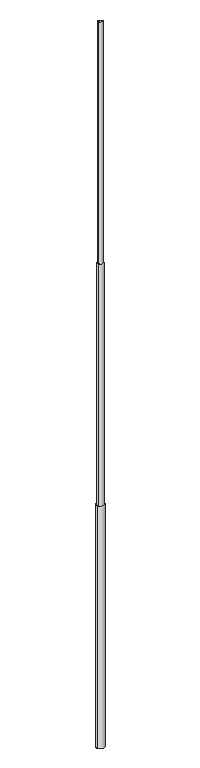
Revit family "FA_МолниеотводСекционныйЛегкаяСерия_EZETEK", category Системы пожарной сигнализации, Revit 2017
Family settings
  Сохранять ориентацию аннотаций = Нет
  Размер круглого соединителя = Использовать радиус
  Тип детали = Нормальный
  На основе рабочей плоскости = Нет
  Всегда вертикально = Да
  При загрузке вырезать с полостями = Нет
  Общий = Да
  Точка расчета площади = Нет
Parameters (values of type "МачтаСекционная_СМСА-11/3_92101")
  Угол = 90.00°  # constant formula
  Секция_Высота = ADSK_Размер_Высота / Количество секций  # 3666.667 mm
  Секция 4 = no
  Секция 3 = yes
  Секция 2 = yes
  Производитель_Контакты = "ezetek@ezetek.ru"  # constant formula
  Описание = "Мачта секционная для активного молниеприемника серии СМСА выполнена из алюминиевого сплава и состоит из сборных секций, которые стыкуются между собой. Верхняя секция имеет переходник для установки активного молниеприемника. В комплект поставки включены закладные детали для установки мачты на бетонный фундамент. Мачту возможно установить одним из следующих способов: при помощи бетонного фундамента; при помощи винтовой сваи (до 12 м); на основание под утяжелители (от 6 до 12 м); молниеотвод на фундаменте, фланец (от 13 до 22 м)."
  Количество секций = 3
  Использовать масштаб аннотаций [instance] = 1 = 0  # 0
  Изготовитель = "Ezetek"  # constant formula
  Диаметр_4 секция = 5 mm
  Диаметр_3 секция = 60 mm
  Диаметр_2 секция = 83 mm
  Диаметр_1 секция = 115 mm
  URL = "https://ezetek.ru/"
  ADSK_Этаж [instance] = ""
  ADSK_Размер_Высота = 11000 mm
  ADSK_Примечание [instance] = ""
  ADSK_Позиция [instance] = ""
  ADSK_Обозначение = "92101"
  ADSK_Наименование краткое [instance] = "Мачта"
  ADSK_Наименование = "Мачта секционная СМСА-11/3"
  ADSK_Материал = BIMLIB_Алюминий_EZETEK
  ADSK_Масса_Текст = "38.0"
  ADSK_Масса = 38
  ADSK_Марка = "92101"
  ADSK_Количество = 1  # constant formula
  ADSK_Код изделия = "92101"
  ADSK_Завод-изготовитель = "Ezetek"  # constant formula
  ADSK_Единица измерения = "шт."  # constant formula
  ADSK_Группирование [instance] = ""
  ADSK_Версия Revit = "2017"  # constant formula
Types (14, lengths in mm): name | Секция_Высота | Секция 3 | Описание | Количество секций | Диаметр_3 секция | Диаметр_2 секция | Диаметр_1 секция | ADSK_Размер_Высота | ADSK_Обозначение | ADSK_Наименование краткое | ADSK_Наименование | ADSK_Масса_Текст | ADSK_Масса | ADSK_Марка | ADSK_Код изделия
  МачтаСекционная_СМСА-6/2_92116 | 3000 | no | "Мачта секционная для активного молниеприемника серии СМСА выполнена из алюминиевого сплава и состоит из сборных секций, которые стыкуются между собой. Верхняя секция имеет переходник для установки активного молниеприемника. В комплект поставки включены закладные детали для установки мачты на бетонный фундамент. Мачту возможно установить одним из следующих способов: при помощи бетонного фундамента; при помощи винтовой сваи (до 12 м); на основание под утяжелители (от 6 до 12 м); молниеотвод на фундаменте, фланец (от 13 до 22 м)." | 2 | 5 | 60 | 75 | 6000 | "92116" | "Мачта" | "Мачта секционная СМСА-6/2" | "20.5" | 20.5 | "92116" | "92116"
  МачтаСекционная_СМСА-7/2_92117 | 3500 | no | "Мачта секционная для активного молниеприемника серии СМСА выполнена из алюминиевого сплава и состоит из сборных секций, которые стыкуются между собой. Верхняя секция имеет переходник для установки активного молниеприемника. В комплект поставки включены закладные детали для установки мачты на бетонный фундамент. Мачту возможно установить одним из следующих способов: при помощи бетонного фундамента; при помощи винтовой сваи (до 12 м); на основание под утяжелители (от 6 до 12 м); молниеотвод на фундаменте, фланец (от 13 до 22 м)." | 2 | 5 | 60 | 75 | 7000 | "92117" | "Мачта" | "Мачта секционная СМСА-7/2" | "25.3" | 25.3 | "92117" | "92117"
  МачтаСекционная_СМСА-8/3_92118 | 2666.667 | yes | "Мачта секционная для активного молниеприемника серии СМСА выполнена из алюминиевого сплава и состоит из сборных секций, которые стыкуются между собой. Верхняя секция имеет переходник для установки активного молниеприемника. В комплект поставки включены закладные детали для установки мачты на бетонный фундамент. Мачту возможно установить одним из следующих способов: при помощи бетонного фундамента; при помощи винтовой сваи (до 12 м); на основание под утяжелители (от 6 до 12 м); молниеотвод на фундаменте, фланец (от 13 до 22 м)." | 3 | 60 | 75 | 90 | 8000 | "92118" | "Мачта" | "Мачта секционная СМСА-8/3" | "29.7" | 29.7 | "92118" | "92118"
  МачтаСекционная_СМСА-9/3_92119 | 3000 | yes | "Мачта секционная для активного молниеприемника серии СМСА выполнена из алюминиевого сплава и состоит из сборных секций, которые стыкуются между собой. Верхняя секция имеет переходник для установки активного молниеприемника. В комплект поставки включены закладные детали для установки мачты на бетонный фундамент. Мачту возможно установить одним из следующих способов: при помощи бетонного фундамента; при помощи винтовой сваи (до 12 м); на основание под утяжелители (от 6 до 12 м); молниеотвод на фундаменте, фланец (от 13 до 22 м)." | 3 | 60 | 75 | 90 | 9000 | "92119" | "Мачта" | "Мачта секционная СМСА-9/3" | "31.4" | 31.4 | "92119" | "92119"
  МачтаСекционная_СМСА-10/3_92100 | 3333.333 | yes | "Мачта секционная для активного молниеприемника серии СМСА выполнена из алюминиевого сплава и состоит из сборных секций, которые стыкуются между собой. Верхняя секция имеет переходник для установки активного молниеприемника. В комплект поставки включены закладные детали для установки мачты на бетонный фундамент. Мачту возможно установить одним из следующих способов: при помощи бетонного фундамента; при помощи винтовой сваи (до 12 м); на основание под утяжелители (от 6 до 12 м); молниеотвод на фундаменте, фланец (от 13 до 22 м)." | 3 | 60 | 75 | 90 | 10000 | "92100" | "Мачта" | "Мачта секционная СМСА-10/3" | "33.2" | 33.2 | "92100" | "92100"
  МачтаСекционная_СМСА-11/3_92101 | 3666.667 | yes | "Мачта секционная для активного молниеприемника серии СМСА выполнена из алюминиевого сплава и состоит из сборных секций, которые стыкуются между собой. Верхняя секция имеет переходник для установки активного молниеприемника. В комплект поставки включены закладные детали для установки мачты на бетонный фундамент. Мачту возможно установить одним из следующих способов: при помощи бетонного фундамента; при помощи винтовой сваи (до 12 м); на основание под утяжелители (от 6 до 12 м); молниеотвод на фундаменте, фланец (от 13 до 22 м)." | 3 | 60 | 83 | 115 | 11000 | "92101" | "Мачта" | "Мачта секционная СМСА-11/3" | "38.0" | 38 | "92101" | "92101"
  МачтаСекционная_СМСА-12/3_92102 | 4000 | yes | "Мачта секционная для активного молниеприемника серии СМСА выполнена из алюминиевого сплава и состоит из сборных секций, которые стыкуются между собой. Верхняя секция имеет переходник для установки активного молниеприемника. В комплект поставки включены закладные детали для установки мачты на бетонный фундамент. Мачту возможно установить одним из следующих способов: при помощи бетонного фундамента; при помощи винтовой сваи (до 12 м); на основание под утяжелители (от 6 до 12 м); молниеотвод на фундаменте, фланец (от 13 до 22 м)." | 3 | 60 | 83 | 115 | 12000 | "92102" | "Мачта" | "Мачта секционная СМСА-12/3" | "39.8" | 39.8 | "92102" | "92102"
  МолниеотводСекционный_СМСП-6.5/2_92122 | 3250 | no | "Молниеотвод стержневой секционный серии СМСП выполнен из алюминиевого сплава и состоит из сборных секций, которые стыкуются между собой. На верхней секции расположен молниеприемник 0,5м. В комплект поставки включены закладные детали для установки молниеотвода на бетонный фундамент.\r\nМолниеотвод возможно установить одним из следующих способов: при помощи бетонного фундамента; при помощи винтовой сваи (до 12 м); на основание под утяжелители (от 6 до 12 м); молниеотвод на фундаменте, фланец (от 13 до 25 м)." | 2 | 5 | 60 | 75 | 6500 | "92138" | "Молниеотвод" | "Молниеотвод секционный СМСП-6.5/2" | "20.5" | 20.5 | "92138" | "92138"
  МолниеотводСекционный_СМСП-7.5/2_92139 | 3750 | no | "Молниеотвод стержневой секционный серии СМСП выполнен из алюминиевого сплава и состоит из сборных секций, которые стыкуются между собой. На верхней секции расположен молниеприемник 0,5м. В комплект поставки включены закладные детали для установки молниеотвода на бетонный фундамент.\r\nМолниеотвод возможно установить одним из следующих способов: при помощи бетонного фундамента; при помощи винтовой сваи (до 12 м); на основание под утяжелители (от 6 до 12 м); молниеотвод на фундаменте, фланец (от 13 до 25 м)." | 2 | 5 | 60 | 75 | 7500 | "92139" | "Молниеотвод" | "Молниеотвод секционный СМСП-7.5/2" | "25.3" | 25.3 | "92139" | "92139"
  МолниеотводСекционный_СМСП-8.5/3_92140 | 2833.333 | yes | "Молниеотвод стержневой секционный серии СМСП выполнен из алюминиевого сплава и состоит из сборных секций, которые стыкуются между собой. На верхней секции расположен молниеприемник 0,5м. В комплект поставки включены закладные детали для установки молниеотвода на бетонный фундамент.\r\nМолниеотвод возможно установить одним из следующих способов: при помощи бетонного фундамента; при помощи винтовой сваи (до 12 м); на основание под утяжелители (от 6 до 12 м); молниеотвод на фундаменте, фланец (от 13 до 25 м)." | 3 | 60 | 75 | 90 | 8500 | "92140" | "Молниеотвод" | "Молниеотвод секционный СМСП-8.5/3" | "29.7" | 29.7 | "92140" | "92140"
  МолниеотводСекционный_СМСП-9.5/3_92141 | 3166.667 | yes | "Молниеотвод стержневой секционный серии СМСП выполнен из алюминиевого сплава и состоит из сборных секций, которые стыкуются между собой. На верхней секции расположен молниеприемник 0,5м. В комплект поставки включены закладные детали для установки молниеотвода на бетонный фундамент.\r\nМолниеотвод возможно установить одним из следующих способов: при помощи бетонного фундамента; при помощи винтовой сваи (до 12 м); на основание под утяжелители (от 6 до 12 м); молниеотвод на фундаменте, фланец (от 13 до 25 м)." | 3 | 60 | 75 | 90 | 9500 | "92141" | "Молниеотвод" | "Молниеотвод секционный СМСП-9.5/3" | "31.4" | 31.4 | "92141" | "92141"
  МолниеотводСекционный_СМСП-10.5/3_92120 | 3500 | yes | "Молниеотвод стержневой секционный серии СМСП выполнен из алюминиевого сплава и состоит из сборных секций, которые стыкуются между собой. На верхней секции расположен молниеприемник 0,5м. В комплект поставки включены закладные детали для установки молниеотвода на бетонный фундамент.\r\nМолниеотвод возможно установить одним из следующих способов: при помощи бетонного фундамента; при помощи винтовой сваи (до 12 м); на основание под утяжелители (от 6 до 12 м); молниеотвод на фундаменте, фланец (от 13 до 25 м)." | 3 | 60 | 75 | 90 | 10500 | "92120" | "Молниеотвод" | "Молниеотвод секционный СМСП-10.5/3" | "33.2" | 33.2 | "92120" | "92120"
  МолниеотводСекционный_СМСП-11.5/3_92121 | 3833.333 | yes | "Молниеотвод стержневой секционный серии СМСП выполнен из алюминиевого сплава и состоит из сборных секций, которые стыкуются между собой. На верхней секции расположен молниеприемник 0,5м. В комплект поставки включены закладные детали для установки молниеотвода на бетонный фундамент.\r\nМолниеотвод возможно установить одним из следующих способов: при помощи бетонного фундамента; при помощи винтовой сваи (до 12 м); на основание под утяжелители (от 6 до 12 м); молниеотвод на фундаменте, фланец (от 13 до 25 м)." | 3 | 60 | 88 | 115 | 11500 | "92121" | "Молниеотвод" | "Молниеотвод секционный СМСП-11.5/3" | "38.0" | 38 | "92121" | "92121"
  МолниеотводСекционный_СМСП-12.5/3_92122 | 4166.667 | yes | "Молниеотвод стержневой секционный серии СМСП выполнен из алюминиевого сплава и состоит из сборных секций, которые стыкуются между собой. На верхней секции расположен молниеприемник 0,5м. В комплект поставки включены закладные детали для установки молниеотвода на бетонный фундамент.\r\nМолниеотвод возможно установить одним из следующих способов: при помощи бетонного фундамента; при помощи винтовой сваи (до 12 м); на основание под утяжелители (от 6 до 12 м); молниеотвод на фундаменте, фланец (от 13 до 25 м)." | 3 | 60 | 88 | 115 | 12500 | "92122" | "Молниеотвод" | "Молниеотвод секционный СМСП-12.5/3" | "38.0" | 38 | "92122" | "92122"
Reference planes
  plane 1 "По центру (Вперед/Назад)": y = 0
  plane 2: z = 0
  plane 3 "По центру (Влево/Вправо)": x = 0
  plane 4: z = 3666.667
  plane 5: z = 7333.333
  plane 6: z = 11000
  plane 7: z = 14666.667
Forms (mm)
  Extrusion 1, solid, material "BIMLIB_Алюминий_EZETEK" <- "ADSK_Материал", detail levels fine
    sketch origin (0, 92.681, -35) x (0, 1, 0) y (-1, 0, 0)
      loop
        circle (-92.681, 0) r 57.5
    from 3701.667 to 35
  Extrusion 2, solid, material "BIMLIB_Алюминий_EZETEK" <- "ADSK_Материал", visible <- "Секция 2", detail levels fine
    sketch origin (0, 92.681, -35) x (0, 1, 0) y (-1, 0, 0)
      loop
        circle (-92.681, 0) r 41.5
    from 7368.333 to 3701.667
  Extrusion 3, solid, material "BIMLIB_Алюминий_EZETEK" <- "ADSK_Материал", visible <- "Секция 3", detail levels fine
    sketch origin (0, 92.681, -35) x (0, 1, 0) y (-1, 0, 0)
      loop
        circle (-92.681, 0) r 30
    from 11035 to 7368.333
  Extrusion 4, solid, material "BIMLIB_Алюминий_EZETEK" <- "ADSK_Материал", visible <- "Секция 4", detail levels fine
    sketch origin (0, 92.681, -35) x (0, 1, 0) y (-1, 0, 0)
      loop
        circle (-92.681, 0) r 2.5
    from 14701.667 to 11035
Lines and regions (mm)
  reference lines
    curve 1: circle (0, 0, 0) r 57.5 normal (0, 0, 1)
    curve 2: circle (0, 0, 0) r 2.5 normal (0, 0, 1)
    curve 3: circle (0, 0, 0) r 41.5 normal (0, 0, 1)
    curve 4: circle (0, 0, 0) r 30 normal (0, 0, 1)
Dimensions and locks
  "Секция_Высота": plane 4 to plane 2
  "Секция_Высота": plane 5 to plane 4
  "Секция_Высота": plane 6 to plane 5
  "Секция_Высота": plane 7 to plane 6
  plane 6 to plane 2 = 11000 mm
  plane 7 to plane 2 = 14666.667 mm
  plane 5 to plane 2 = 7333.333 mm
  "Диаметр_4 секция": diameter of curve 2
  "Диаметр_3 секция": diameter of curve 4
  "Диаметр_2 секция": diameter of curve 3
  "Диаметр_1 секция": diameter of curve 1
  aligned and locked: level to plane 2
  aligned and locked: plane 3 "По центру (Влево/Вправо)" to curve 1
  aligned and locked: plane 1 "По центру (Вперед/Назад)" to curve 1
  aligned and locked: plane 3 "По центру (Влево/Вправо)" to curve 3
  aligned and locked: plane 1 "По центру (Вперед/Назад)" to curve 3
  aligned and locked: plane 3 "По центру (Влево/Вправо)" to curve 4
  aligned and locked: plane 1 "По центру (Вперед/Назад)" to curve 4
  aligned and locked: plane 3 "По центру (Влево/Вправо)" to curve 2
  aligned and locked: plane 1 "По центру (Вперед/Назад)" to curve 2
  aligned and locked: Extrusion 1 sketch curve to curve 1
  aligned and locked: Extrusion 1 to plane 4
  aligned and locked: Extrusion 1 to plane 2
  aligned and locked: Extrusion 2 sketch curve to curve 3
  aligned and locked: Extrusion 2 to plane 5
  aligned and locked: plane 4 to Extrusion 2
  aligned and locked: Extrusion 3 sketch curve to curve 4
  aligned and locked: Extrusion 3 to plane 6
  aligned and locked: plane 5 to Extrusion 3
  aligned and locked: plane 6 to Extrusion 4
  aligned and locked: Extrusion 4 to plane 7
  aligned and locked: Extrusion 4 sketch curve to curve 2
